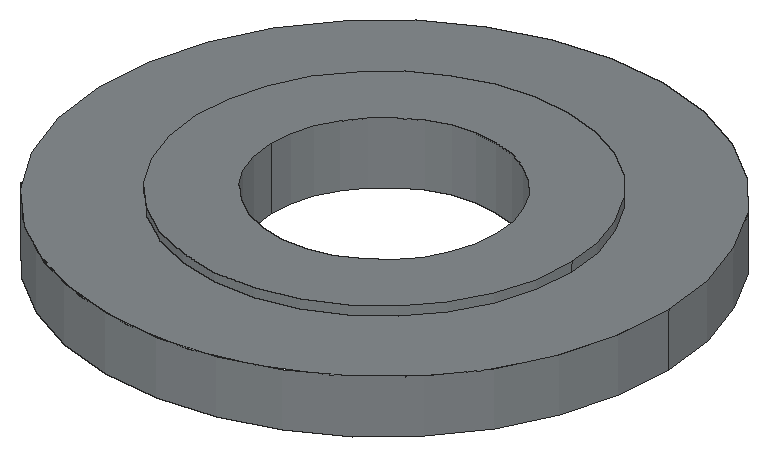
Revit family "FoFo_Junta_Flange", category Pipe Accessories, Revit 2025
Family settings
  Round Connector Dimension = Use Diameter
  Part Type = Normal
  Work Plane-Based = Yes
  Always vertical = No
  Cut with Voids When Loaded = Yes
  Shared = Yes
Parameters (values of type "FLA_10_0080")
  PN = "10"
  Furo_V = Flange_RF * cos(Flange_MA)  # 73.91 mm
  Flange_RT = 0.5 * Flange_Diâmetro_Tubo  # 49.0 mm
  Flange_RL = 0.5 * Flange_Diâmetro_Livre  # 40.0 mm
  Flange_RG = 0.5 * Flange_Diâmetro_Resalto  # 66.0 mm
  Flange_RF = 0.5 * Flange_Diâmetro_Furação  # 80.0 mm
  Flange_RD = 0.5 * Flange_Diâmetro_Externo  # 100.0 mm
  Furo_Quant = 8
  Flange_MA = 0.5 * (360.00° / Furo_Quant)  # 22.50°
  Furo_H = Flange_RF * sin(Flange_MA)  # 30.615 mm
  Flange_Diâmetro_Resalto = 132.0 mm
  Furo_Raio = 0.5 * Furo_Diâmetro  # 8.0 mm
  Furo_Diâmetro = 16.0 mm
  Flange_Diâmetro_Livre = 80.0 mm
  Flange_Diâmetro_Furação = 160.0 mm
  Flange_Diâmetro_Tubo = 98.0 mm
  Flange_Diâmetro_Externo = 200.0 mm
  Flange_Resalto = 3.0 mm
  Flange_Altura = 19.0 mm
  Default Elevation = 0.0 mm
  DN = "80"
Reference planes
  plane 1 "Centro (Frente/Trás)": y = 0
  plane 2: z = 0
  plane 3 "Centro (Esquerda/Direita)": x = 0
  plane 4: z = -3
  plane 5: z = -22
Forms (mm)
  Extrusion 1, solid, material "FoFo"
    sketch origin (0, 0, 0) x (1, 0, 0) y (0, 1, 0)
      loop
        circle (0, 0) r 100
    from -22 to -3
  Extrusion 2, solid, material "FoFo"
    sketch origin (0, 0, 0) x (1, 0, 0) y (0, 1, 0)
      loop
        circle (0, 0) r 66
    from 0 to -3
  Extrusion 3, void
    sketch origin (0, 0, 0) x (1, 0, 0) y (0, 1, 0)
      loop
        circle (0, 0) r 40
    from 0 to -22
Cuts and joins
  Extrusion 3 cuts Extrusion 1
  Extrusion 3 cuts Extrusion 2
  joined: Extrusion 1, Extrusion 2
Lines and regions (mm)
  model lines
    curve 1: line (-40, 0, 0) -> (40, 0, 0)
    curve 2: line (0, 40, 0) -> (0, -40, 0)
Dimensions and locks
  "Flange_Resalto": plane 2 to plane 4
  "Flange_Altura": plane 4 to plane 5
  "Flange_RD": radius of Extrusion 1 sketch curve
  "Flange_RG": radius of Extrusion 2 sketch curve
  "Flange_RL": radius of Extrusion 3 sketch curve
  aligned and locked: plane 2 to level
  aligned and locked: Extrusion 1 to plane 5
  aligned and locked: Extrusion 1 to Extrusion 3
  aligned and locked: cut or joined group of Extrusion 1, Extrusion 2, Extrusion 3 to plane 4
  aligned and locked: plane 4 to cut or joined group of Extrusion 1, Extrusion 2, Extrusion 3
Automatic sketch dimensions
  plane 1 "Centro (Frente/Trás)" to curve 1 = 0.0 mm
  curve 1 to plane 3 "Centro (Esquerda/Direita)" = 40.0 mm
  plane 3 "Centro (Esquerda/Direita)" to curve 1 = 40.0 mm
  plane 1 "Centro (Frente/Trás)" to curve 2 = 40.0 mm
  curve 2 to plane 1 "Centro (Frente/Trás)" = 40.0 mm
  curve 2 to plane 3 "Centro (Esquerda/Direita)" = 0.0 mm
  plane 1 "Centro (Frente/Trás)" to Extrusion 1 sketch curve = 0.0 mm
  Extrusion 1 sketch curve to plane 3 "Centro (Esquerda/Direita)" = 0.0 mm
  plane 1 "Centro (Frente/Trás)" to Extrusion 2 sketch curve = 0.0 mm
  Extrusion 2 sketch curve to plane 3 "Centro (Esquerda/Direita)" = 0.0 mm
  plane 1 "Centro (Frente/Trás)" to Extrusion 3 sketch curve = 0.0 mm
  Extrusion 3 sketch curve to plane 3 "Centro (Esquerda/Direita)" = 0.0 mm
